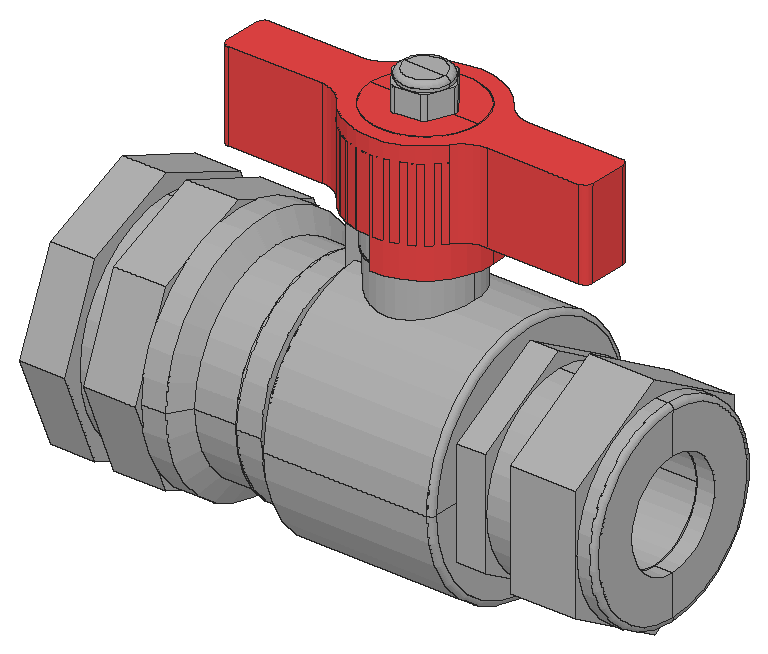
Revit family "QD50100000", category Apparecchi idraulici, Revit 2016
Family settings
  Tipo di parte = Normale
  Quota connettore circolare = Usa diametro
  Numero OmniClass = 23.45.00.00
  Titolo OmniClass = Sanitary, Laundry, and Cleaning Equipment
  Basato su piano di lavoro = No
  Sempre verticale = Sì
  Taglio con vuoti quando caricato = No
  Condiviso = No
  Punto di calcolo locali = No
Parameters
  URL = "https://web.cimberio.it/index.php/figura/458?subcategoria_id=42864"
  Produttore = "CIMBERIO SPA"
  DN Model [instance] = QD50105029 : QD50105029
  DN [instance] = 20 mm
Reference planes
  plane 1 "Centro (Fronte/Retro)": y = 0
  plane 2: z = 0
  plane 3 "Centro (Sinistra/Destra)": x = 0
Dimensions and locks
  aligned and locked: level to plane 2
Nested families
  nested 1: "QD50105029" at (0, 0, 0), type <- "DN Model", type "QD50105029"
    with DN 10 mm
  nested 2: "QD50105029" at (0, 0, 0), type <- "DN Model", type "QD50105029"
    with DN 10 mm
  nested 3: "QD50105029" at (0, 0, 0), type <- "DN Model", type "QD50105029"
    with DN 10 mm
  nested 4: "QD50105029" at (0, 0, 0), type <- "DN Model", type "QD50105029"
    with DN 10 mm
Connectors
  piping at (43.947, 0, 0), diameter 20, driven by "DN"
    settings: on nested 1, index 1, connector inside diameter 609.6 mm, connector length 0 mm, flow factor 0, pipe flow 0.0 L/s, pressure drop 0.0 Pa, fitting loss kfactor 0, connector angle 0.00°, fixture units 0, engagement length 0 mm, angle of deflection 0.00°, flow configuration 0, flow direction 0, fitting loss method 0, system type 7, joint type 0, gender type 0, connector reference index -1, connector utility 0, adjustable connector no, is connector primary yes, connector description ""
  piping at (-49.264, 0, 0), diameter 20, driven by "DN"
    settings: on nested 1, index 2, connector inside diameter 609.6 mm, connector length 0 mm, flow factor 0, pipe flow 0.0 L/s, pressure drop 0.0 Pa, fitting loss kfactor 0, connector angle 0.00°, fixture units 0, engagement length 0 mm, angle of deflection 0.00°, flow configuration 0, flow direction 0, fitting loss method 0, system type 7, joint type 0, gender type 0, connector reference index -1, connector utility 0, adjustable connector no, is connector primary no, connector description ""
Definition of nested family "QD50105029"
  Parameters (values of type "QD50105029")
    DN [instance] = 10 mm  # constant formula
  Reference planes
    plane 1 "Centro (Fronte/Retro)": y = 0
    plane 2: z = 0
    plane 3 "Centro (Sinistra/Destra)": x = 0
  Forms (mm)
    Revolve 1, solid
      sketch origin (0, 0, 0) x (1, 0, 0) y (0, 1, 0)
        loop
          arc (20.1, 22.5) -> (19.808, 23.207) -> (19.101, 23.5) r 1
          line (19.101, 23.5) -> (-12, 23.5) -> (-15, 20.5) -> (-19.5, 20.5)
          arc (-19.5, 20.5) -> (-19.854, 20.354) -> (-20, 20) r 0.5
          arc (-20, 20) -> (-20.146, 19.647) -> (-20.499, 19.5) r 0.5
          line (-20.499, 19.5) -> (-28.5, 19.5) -> (-30.809, 23.5) -> (-35.5, 23.5) -> (-35.5, 10) -> (20.002, 10) -> (20.1, 22.5)
        axis (-35.5, 0) -> (20.1, 0)
      angle from 0 to 360
    Revolve 2, solid
      sketch origin (0, 0, 8) x (1, 0, 0) y (0, 0, 1)
        loop
          line (0.063, 27.3) -> (0.063, 11.623) -> (9.5, 11.623) -> (9.5, 21)
          arc (9.5, 21) -> (9.863, 21.294) -> (10, 21.742) r 0.8
          line (10, 21.742) -> (10, 27.3) -> (0.063, 27.3)
        axis (0.063, 11.623) -> (0.063, 27.3)
      angle from 0 to 360
    Extrusion 3, solid
      sketch origin (0, 0, 8) x (1, 0, 0) y (0, 0, 1)
        loop
          line (-13.993, 27.3) -> (-13.993, 10.345) -> (-7.86, 10.345) -> (-7.86, 27.3) -> (-13.993, 27.3)
      from -1.5 to 1.5
    Revolve 4, solid
      sketch origin (0, 0, 8) x (1, 0, 0) y (0, 0, 1)
        loop
          line (0, 30.531) -> (-6.985, 30.531) -> (-6.985, 27.3) -> (0, 27.3) -> (0, 30.531)
        axis (0, 30.531) -> (0, 27.3)
      angle from 0 to 360
    Revolve 5, solid
      sketch origin (0, 0, 8) x (1, 0, 0) y (0, 0, 1)
        loop
          line (0, 45.8) -> (-10.25, 45.8) -> (-13.25, 42.8) -> (-13.25, 22.8) -> (-7.25, 22.8) -> (-7.25, 38.318) -> (0, 38.318) -> (0, 45.8)
        axis (0, 45.8) -> (0, 22.8)
      angle from 0 to 360
    Revolve 6, solid
      sketch origin (0, 0, 8) x (1, 0, 0) y (0, 0, 1)
        loop
          line (0, 51.8) -> (0, 50.016) -> (4.75, 50.016) -> (4.75, 50.8)
          arc (4.75, 50.8) -> (4.457, 51.507) -> (3.75, 51.8) r 1
          line (3.75, 51.8) -> (0, 51.8)
        axis (0, 51.8) -> (0, 50.016)
      angle from 0 to 360
    Extrusion 7, solid
      sketch origin (0, 0, 36.55) x (0.979214, 0.20283, 0) y (-0.20283, 0.979214, 0)
        loop
          line (5.501, 0.127) -> (3.472, 4.287)
          arc (3.472, 4.287) -> (3.145, 4.663) -> (2.674, 4.825) r 0.962
          line (2.674, 4.825) -> (-1.937, 5.147)
          arc (-1.937, 5.147) -> (-2.461, 5.045) -> (-2.864, 4.695) r 1.032
          line (-2.864, 4.695) -> (-5.424, 0.899)
          arc (-5.424, 0.899) -> (-5.599, 0.392) -> (-5.496, -0.136) r 1.038
          line (-5.496, -0.136) -> (-3.479, -4.272)
          arc (-3.479, -4.272) -> (-3.142, -4.659) -> (-2.657, -4.826) r 0.991
          line (-2.657, -4.826) -> (1.958, -5.149)
          arc (1.958, -5.149) -> (2.463, -5.05) -> (2.852, -4.713) r 0.994
          line (2.852, -4.713) -> (5.429, -0.891)
          arc (5.429, -0.891) -> (5.601, -0.392) -> (5.501, 0.127) r 1.021
      from 17.25 to 21.75
    Extrusion 8, void
      sketch origin (0, 0, 36.55) x (1, 0, 0) y (0, 1, 0)
        loop
          line (-8.5, 0) -> (-14.381, 0)
          arc (-14.381, 0) -> (-10.169, -10.169) -> (0, -14.381) r 14.381
          line (0, -14.381) -> (0, -8.5)
          arc (0, -8.5) -> (-6.01, -6.01) -> (-8.5, 0) r 8.5
      from -6.445 to 0.25
    Extrusion 9, solid
      sketch origin (-11, 0, 0) x (0, 0, 1) y (0, 1, 0)
        loop
          circle (0, 0) r 10
        loop
          line (24.7, 0) -> (17.466, 17.466) -> (0, 24.7) -> (-17.466, 17.466) -> (-24.7, 0) -> (-17.466, -17.466) -> (0, -24.7) -> (17.466, -17.466) -> (24.7, 0)
      from 24.5 to 34.493
    Revolve 10, solid
      sketch origin (0, 0, 0) x (1, 0, 0) y (0, 0, 1)
        loop
          line (-49.264, 10) -> (-44.616, 10) -> (-44.616, 21) -> (-49.264, 21) -> (-49.264, 10)
        axis (-49.264, 0) -> (-44.616, 0)
      angle from 0 to 360
    Extrusion 11, solid
      sketch origin (-11, 0, 0) x (0, 0, 1) y (0, 1, 0)
        loop
          circle (0, 0) r 10
        loop
          line (24.5, 0) -> (17.324, 17.324) -> (0, 24.5) -> (-17.324, 17.324) -> (-24.5, 0) -> (-17.324, -17.324) -> (0, -24.5) -> (17.324, -17.324) -> (24.5, 0)
      from 38.264 to 46.764
    Extrusion 12, solid
      sketch origin (0, 0, 0) x (0, 1, 0) y (0, 0, 1)
        loop
          circle (0, 0) r 10
        loop
          line (0, 20.25) -> (-17.537, 10.125) -> (-17.537, -10.125) -> (0, -20.25) -> (17.537, -10.125) -> (17.537, 10.125) -> (0, 20.25)
      from 20.002 to 25.607
    Revolve 13, solid
      sketch origin (0, 0, 0) x (1, 0, 0) y (0, 0, 1)
        loop
          line (25.607, 17.4) -> (25.607, 10) -> (31.447, 10) -> (31.447, 17.4) -> (25.607, 17.4)
        axis (25.607, 0) -> (31.447, 0)
      angle from 0 to 360
    Extrusion 14, solid
      sketch origin (0, 0, 0) x (0, 1, 0) y (0, 0, 1)
        loop
          circle (0, 0) r 10
        loop
          line (0, 21.8) -> (-18.879, 10.9) -> (-18.879, -10.9) -> (0, -21.8) -> (18.879, -10.9) -> (18.879, 10.9) -> (0, 21.8)
      from 31.447 to 43.947
    Revolve 15, solid
      sketch origin (0, 0, 0) x (1, 0, 0) y (0, 0, 1)
        loop
          line (43.947, 18.75) -> (43.947, 10) -> (47.447, 10) -> (47.447, 17.75)
          arc (47.447, 17.75) -> (47.154, 18.457) -> (46.447, 18.75) r 1
          line (46.447, 18.75) -> (43.947, 18.75)
        axis (47.447, 0) -> (43.947, 0)
      angle from 0 to 360
    Extrusion 16, solid
      sketch origin (0, 0, 28.55) x (1, 0, 0) y (0, 1, 0)
        loop
          arc (-33.5, 5) -> (-34.561, 4.561) -> (-35, 3.5) r 1.5
          line (-35, 3.5) -> (-35, -3.5)
          arc (-35, -3.5) -> (-34.561, -4.561) -> (-33.5, -5) r 1.5
          line (-33.5, -5) -> (-15.798, -5)
          arc (-15.798, -5) -> (-13.032, -5.675) -> (-10.889, -7.55) r 6
          arc (-10.889, -7.55) -> (-0.027, -13.25) -> (10.859, -7.593) r 13.25
          arc (10.859, -7.593) -> (13.008, -5.688) -> (15.798, -5) r 6
          line (15.798, -5) -> (33.5, -5)
          arc (33.5, -5) -> (34.561, -4.561) -> (35, -3.5) r 1.5
          line (35, -3.5) -> (35, 3.5)
          arc (35, 3.5) -> (34.561, 4.561) -> (33.5, 5) r 1.5
          line (33.5, 5) -> (15.798, 5)
          arc (15.798, 5) -> (13.02, 5.682) -> (10.874, 7.571) r 6
          arc (10.874, 7.571) -> (0, 13.25) -> (-10.874, 7.572) r 13.25
          arc (-10.874, 7.572) -> (-13.02, 5.682) -> (-15.798, 5) r 6
          line (-15.798, 5) -> (-33.5, 5)
      from 8.25 to 25.25
  Cuts and joins
    Extrusion 8 cuts Revolve 5
  Dimensions and locks
    aligned and locked: level to plane 2
